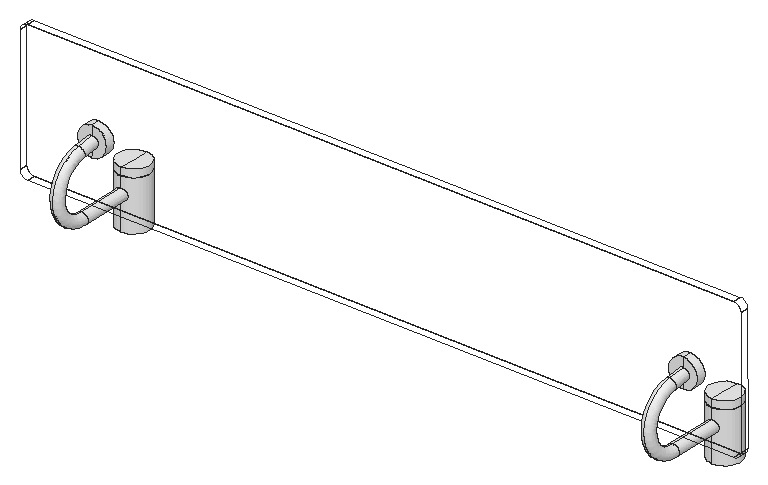
Revit family "Shelf-Glass-Caroma Titan", category Specialty Equipment, host Face, Revit 2013
Parameters (values of type "Standard")
  URL = "http://www.caroma.com.au/"
  Type Comments = "Caroma Titan Glass Shelf"  # constant formula
  ModifiedIssue_ANZRS = 1  # constant formula
  Model = "99016SS"  # constant formula
  Material_ANZRS = Metal-Chrome-Caroma
  Manufacturer = "GWA Bathrooms & Kitchens"  # constant formula
  Length_ANZRS = 500 mm  # constant formula
  Glazing = Glass-Clear-Caroma
  Description = ""
  Default Elevation = 900 mm
  CreatedBy_ANZRS = "Design Content"  # constant formula
  CreatedByURL_ANZRS = "www.designcontent.com.au"
  Cost = 0
  Assembly Code = "C1030200"
Reference planes
  plane 1 "Center (Elevation)": y = 0
  plane 2 "Back": z = 0
  plane 3 "Center (Left/Right)": x = 0
  plane 4 "Left": x = -250
  plane 5 "Right": x = 250
  plane 6: x = 205
  plane 7: x = -205
  plane 8 "Top": y = 24.966
  plane 9 "Bottom": y = -25
  plane 10 "Front": z = 128
Forms (mm)
  Revolve 1, solid, material "Metal-Chrome-Caroma" <- "Material_ANZRS"
    sketch origin (-205, 1524, 1219.2) x (0, 1, 0) y (0, 0, 1)
      loop
        line (-1524, -1219.2) -> (-1513.002, -1219.2) -> (-1513.002, -1184.7) -> (-1515.475, -1184.7) -> (-1515.475, -1182.7) -> (-1524, -1182.7) -> (-1524, -1219.2)
      axis (-1524, -1182.7) -> (-1524, -1219.2)
    angle from 0 to 360
  Extrusion 2, solid, material "Glass-Clear-Caroma" <- "Glazing"
    sketch origin (0, 0, 0) x (1, 0, 0) y (0, 0, 1)
      loop
        line (245, 128) -> (-245, 128)
        arc (-245, 128) -> (-248.536, 126.536) -> (-250, 123) r 5
        line (-250, 123) -> (-250, 36)
        arc (-250, 36) -> (-248.536, 32.464) -> (-245, 31) r 5
        line (-245, 31) -> (245, 31)
        arc (245, 31) -> (248.536, 32.464) -> (250, 36) r 5
        line (250, 36) -> (250, 123)
        arc (250, 123) -> (248.536, 126.536) -> (245, 128) r 5
    from 36 to 42
  Revolve 3, solid, material "Metal-Chrome-Caroma" <- "Material_ANZRS"
    sketch origin (-205, 1524, 1219.2) x (0, 1, 0) y (0, 0, 1)
      loop
        line (-1513.002, -1184.2) -> (-1513.002, -1179.2) -> (-1524, -1179.2) -> (-1524, -1184.2) -> (-1513.002, -1184.2)
      axis (-1524, -1179.2) -> (-1524, -1184.2)
    angle from 0 to 360
  Revolve 4, solid, material "Metal-Chrome-Caroma" <- "Material_ANZRS"
    sketch origin (205, 1524, 1219.2) x (0, 1, 0) y (0, 0, -1)
      loop
        line (-1524, 1219.2) -> (-1524, 1182.7) -> (-1515.475, 1182.7) -> (-1515.475, 1184.7) -> (-1513.002, 1184.7) -> (-1513.002, 1219.2) -> (-1524, 1219.2)
      axis (-1524, 1182.7) -> (-1524, 1219.2)
    angle from 0 to 360
  Revolve 5, solid, material "Metal-Chrome-Caroma" <- "Material_ANZRS"
    sketch origin (205, 1524, 1219.2) x (0, 1, 0) y (0, 0, -1)
      loop
        line (-1513.002, 1184.2) -> (-1524, 1184.2) -> (-1524, 1179.2) -> (-1513.002, 1179.2) -> (-1513.002, 1184.2)
      axis (-1524, 1179.2) -> (-1524, 1184.2)
    angle from 0 to 360
  Sweep 6, solid, material "Metal-Chrome-Caroma" <- "Material_ANZRS"
    path origin (-205, 1524, 1219.2) x (0, 1, 0) y (0, 0, 1)
      loop
        line (-1524, -1196.2) -> (-1568.869, -1196.2)
        arc (-1568.869, -1196.2) -> (-1589.961, -1176.359) -> (-1571.445, -1154.096) r 21.131
        line (-1571.445, -1154.096) -> (-1558.034, -1152.45)
    profile origin (-205, -22.435, 23) x (0, 0, -1) y (1, 0, 0)
      loop
        circle (0, 0) r 4
  Revolve 7, solid, material "Metal-Chrome-Caroma" <- "Material_ANZRS"
    sketch origin (-205, 1524, 1219.2) x (0, 1, 0) y (0, 0, 1)
      loop
        line (-1554, -1142.201) -> (-1560, -1142.201) -> (-1560, -1152.201) -> (-1554, -1152.201) -> (-1554, -1142.201)
      axis (-1560, -1152.201) -> (-1554, -1152.201)
    angle from 0 to 360
  Sweep 8, solid, material "Metal-Chrome-Caroma" <- "Material_ANZRS"
    path origin (205, 1524, 1219.2) x (0, 1, 0) y (0, 0, -1)
      loop
        line (-1524, 1196.2) -> (-1568.869, 1196.2)
        arc (-1568.869, 1196.2) -> (-1589.961, 1176.359) -> (-1571.445, 1154.096) r 21.131
        line (-1571.445, 1154.096) -> (-1558.034, 1152.45)
    profile origin (205, -22.435, 23) x (0, 0, 1) y (-1, 0, 0)
      loop
        circle (0, 0) r 4
  Revolve 9, solid, material "Metal-Chrome-Caroma" <- "Material_ANZRS"
    sketch origin (205, 1524, 1219.2) x (0, 1, 0) y (0, 0, -1)
      loop
        line (-1554, 1142.201) -> (-1554, 1152.201) -> (-1560, 1152.201) -> (-1560, 1142.201) -> (-1554, 1142.201)
      axis (-1560, 1152.201) -> (-1554, 1152.201)
    angle from 0 to 360
Cuts and joins
  joined: Revolve 1, Revolve 3, Sweep 6, Revolve 7
  joined: Revolve 4, Revolve 5, Sweep 8, Revolve 9
Dimensions and locks
  "Length_ANZRS": plane 4 "Left" to plane 5 "Right"
  equal spacing: plane 4 "Left", plane 3 "Center (Left/Right)", plane 5 "Right"
  plane 7 to plane 3 "Center (Left/Right)" to plane 6 = 205 mm, 205 mm
  aligned and locked: plane 2 "Back" to host face
  aligned and locked: level to host face
Automatic sketch dimensions
  host sketch curve to host sketch curve = 2438.4 mm  (x2)
  Revolve 1 sketch curve to plane 1 "Center (Elevation)" = 0 mm  (x2)
  Revolve 1 sketch curve to level = 0 mm
  Revolve 1 sketch curve to plane 1 "Center (Elevation)" = 8.525 mm
  level to Revolve 1 sketch curve = 34.5 mm
  Revolve 1 sketch curve to Revolve 1 sketch curve = 2.473 mm
  Revolve 1 sketch curve to Revolve 1 sketch curve = 2 mm
  Revolve 1 sketch curve to Revolve 1 sketch curve = 24.096 mm
  Revolve 1 sketch curve to Revolve 1 sketch curve = 7.879 mm
  Extrusion 2 sketch curve to plane 4 "Left" = 0 mm
  Extrusion 2 sketch curve to plane 10 "Front" = 0 mm
  Extrusion 2 sketch curve to plane 5 "Right" = 0 mm
  Extrusion 2 sketch curve to plane 5 "Right" = 5 mm  (x2)
  level to Extrusion 2 sketch curve = 31 mm
  plane 4 "Left" to Extrusion 2 sketch curve = 5 mm  (x2)
  Revolve 3 sketch curve to plane 1 "Center (Elevation)" = 0 mm  (x2)
  level to Revolve 3 sketch curve = 35 mm
  Revolve 3 sketch curve to Revolve 3 sketch curve = 10.998 mm
  Revolve 3 sketch curve to Revolve 3 sketch curve = 5 mm
  Revolve 3 sketch curve to level = 24.096 mm
  Revolve 3 sketch curve to level = 7.879 mm
  Revolve 4 sketch curve to plane 1 "Center (Elevation)" = 0 mm  (x2)
  Revolve 4 sketch curve to level = 0 mm
  level to Revolve 4 sketch curve = 36.5 mm
  Revolve 4 sketch curve to Revolve 4 sketch curve = 8.525 mm
  Revolve 4 sketch curve to Revolve 4 sketch curve = 2.473 mm
  Revolve 4 sketch curve to Revolve 4 sketch curve = 2 mm
  Revolve 4 sketch curve to Revolve 4 sketch curve = 7.879 mm
  Revolve 4 sketch curve to Revolve 4 sketch curve = 16.217 mm
  Revolve 5 sketch curve to plane 1 "Center (Elevation)" = 0 mm  (x2)
  Revolve 5 sketch curve to plane 1 "Center (Elevation)" = 10.998 mm
  level to Revolve 5 sketch curve = 40 mm
  Revolve 5 sketch curve to Revolve 5 sketch curve = 5 mm
  Revolve 5 sketch curve to level = 7.879 mm
  Revolve 5 sketch curve to Revolve 5 sketch curve = 16.217 mm
  plane 9 "Bottom" to Sweep 6 sketch curve = 22.445 mm
  level to Sweep 6 sketch curve = 23 mm
  Sweep 6 sketch curve to plane 1 "Center (Elevation)" = 0 mm
  plane 9 "Bottom" to Sweep 6 sketch curve = 19.869 mm
  plane 9 "Bottom" to Sweep 6 sketch curve = 9.034 mm
  Sweep 6 sketch curve to Sweep 6 sketch curve = 42.104 mm
  Sweep 6 sketch curve to Sweep 6 sketch curve = 1.647 mm
  Sweep 6 sketch curve to plane 7 = 0 mm
  Sweep 6 sketch curve to profile plane = 0 mm
  plane 9 "Bottom" to Revolve 7 sketch curve = 11 mm
  Revolve 7 sketch curve to plane 10 "Front" = 61.001 mm
  plane 9 "Bottom" to Revolve 7 sketch curve = 5 mm
  Revolve 7 sketch curve to Revolve 7 sketch curve = 0 mm  (x2)
  Revolve 7 sketch curve to plane 9 "Bottom" = 8.811 mm
  Revolve 7 sketch curve to Revolve 7 sketch curve = 10 mm
  plane 9 "Bottom" to Sweep 8 sketch curve = 22.445 mm
  Sweep 8 sketch curve to plane 10 "Front" = 62.896 mm
  Sweep 8 sketch curve to plane 1 "Center (Elevation)" = 0 mm
  plane 9 "Bottom" to Sweep 8 sketch curve = 19.869 mm
  plane 9 "Bottom" to Sweep 8 sketch curve = 9.034 mm
  level to Sweep 8 sketch curve = 23 mm
  Sweep 8 sketch curve to Sweep 8 sketch curve = 1.647 mm
  Sweep 8 sketch curve to profile plane = 0 mm
  profile plane to Sweep 8 sketch curve = 0 mm
  plane 9 "Bottom" to Revolve 9 sketch curve = 11 mm
  Revolve 9 sketch curve to plane 10 "Front" = 51.001 mm
  plane 9 "Bottom" to Revolve 9 sketch curve = 5 mm
  Revolve 9 sketch curve to Revolve 9 sketch curve = 0 mm  (x2)
  Revolve 9 sketch curve to plane 9 "Bottom" = 8.811 mm
  Revolve 9 sketch curve to Revolve 9 sketch curve = 10 mm
  radius of Sweep 6 sketch curve = 4 mm
  radius of Sweep 8 sketch curve = 4 mm
